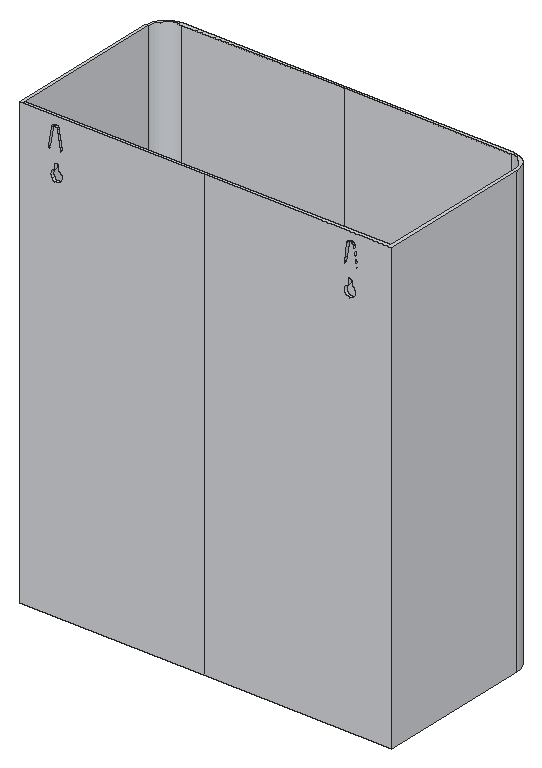
Revit family "AX8925_0019", category Appareils sanitaires, Revit 2016
Family settings
  Hôte = Mur
  Type d'élément = Normal
  Cote de connecteur circulaire = Utiliser le diamètre
  Numéro OmniClass = 23.75.00.00
  Titre OmniClass = Climate Control (HVAC)
  Toujours verticalement = Oui
  Couper avec des vides une fois chargée = Non
  Partagée = Non
  Point de calcul de pièce = Non
Parameters (values of type "Type 1")
  URL = "http://www.axeuro.com/fr/poubelles/17009-poubelle-murale-ax8925.html?search_query=ax8925&results=5"
  Type de produit / Type of product = "Poubelle / Waste receptacle"  # constant formula
  Référence / Reference = "AX8925, AX8925P, AX8925W"  # constant formula
  Model = ""
  Manufacturer = ""
  Entreprise / Company = "Axeuro"  # constant formula
  Description = ""
Reference planes
  plane 1 "Mur": y = 0
  plane 2 "Centre (gauche/droite)": x = 0
  plane 3 "Arrière": y = 75
Forms (mm)
  Extrusion 1, solid
    sketch origin (-179.5, -95, 0) x (1, 0, 0) y (0, 1, 0)
      loop
        line (3.5, 170) -> (179.5, 170) -> (359.5, 170) -> (359.5, 319.853)
        arc (359.5, 319.853) -> (353.599, 334.099) -> (339.353, 340) r 20.147
        line (339.353, 340) -> (179.5, 340) -> (23.647, 340)
        arc (23.647, 340) -> (9.401, 334.099) -> (3.5, 319.853) r 20.147
        line (3.5, 319.853) -> (3.5, 170)
      loop
        line (5.9, 319.853) -> (5.9, 172.4) -> (179.5, 172.4) -> (357.1, 172.4) -> (357.1, 319.853)
        arc (357.1, 319.853) -> (351.902, 332.402) -> (339.353, 337.6) r 17.747
        line (339.353, 337.6) -> (179.5, 337.6) -> (23.647, 337.6)
        arc (23.647, 337.6) -> (11.098, 332.402) -> (5.9, 319.853) r 17.747
    from 360 to 790
  Extrusion 2, void
    sketch origin (-40.375, 0, 9.958) x (1, 0, 0) y (0, 0, 1)
      loop
        arc (-98.316, 733.688) -> (-100.255, 723.071) -> (-102.277, 733.673) r 5.49
        line (-102.277, 733.673) -> (-102.277, 738.673)
        arc (-102.277, 738.673) -> (-100.125, 740.006) -> (-98.214, 738.345) r 2.134
        line (-98.214, 738.345) -> (-98.214, 733.648)
    from -75 to -77.6
  Extrusion 3, solid
    sketch origin (0, 0, 160) x (1, 0, 0) y (0, 1, 0)
      loop
        line (-176, 75) -> (180, 75) -> (180, 224.853)
        arc (180, 224.853) -> (174.099, 239.099) -> (159.853, 245) r 20.147
        line (159.853, 245) -> (-155.853, 245)
        arc (-155.853, 245) -> (-170.099, 239.099) -> (-176, 224.853) r 20.147
        line (-176, 224.853) -> (-176, 75)
    from 200 to 202.363
  Extrusion 4, void
    sketch origin (-37.571, 0, 0) x (1, 0, 0) y (0, 0, 1)
      loop
        arc (-110.599, 762.273) -> (-109.999, 761.023) -> (-108.761, 761.649) r 0.971
        line (-108.761, 761.649) -> (-105.929, 779.052)
        arc (-105.929, 779.052) -> (-104.014, 780.967) -> (-102.099, 779.052) r 1.915
        line (-102.099, 779.052) -> (-99.267, 761.649)
        arc (-99.267, 761.649) -> (-98.029, 761.023) -> (-97.429, 762.273) r 0.971
        line (-97.429, 762.273) -> (-100.012, 779.039)
        arc (-100.012, 779.039) -> (-103.942, 782.968) -> (-107.871, 779.039) r 3.93
        line (-107.871, 779.039) -> (-110.599, 762.273)
    from -77.4 to -75
  Extrusion 5, void
    sketch origin (40.268, 0, 9.958) x (-1, 0, 0) y (0, 0, -1)
      loop
        line (-102.277, -733.673) -> (-102.277, -738.673)
        arc (-102.277, -738.673) -> (-100.297, -740.013) -> (-98.316, -738.673) r 2.134
        line (-98.316, -738.673) -> (-98.316, -733.688)
        arc (-98.316, -733.688) -> (-100.255, -723.071) -> (-102.277, -733.673) r 5.49
    from -75 to -77.6
  Extrusion 6, void
    sketch origin (37.465, 0, 0) x (-1, 0, 0) y (0, 0, -1)
      loop
        line (-110.599, -762.273) -> (-107.871, -779.039)
        arc (-107.871, -779.039) -> (-103.942, -782.968) -> (-100.012, -779.039) r 3.93
        line (-100.012, -779.039) -> (-97.429, -762.273)
        arc (-97.429, -762.273) -> (-98.029, -761.023) -> (-99.267, -761.649) r 0.971
        line (-99.267, -761.649) -> (-102.099, -779.052)
        arc (-102.099, -779.052) -> (-104.014, -780.967) -> (-105.929, -779.052) r 1.915
        line (-105.929, -779.052) -> (-108.761, -761.649)
        arc (-108.761, -761.649) -> (-109.999, -761.023) -> (-110.599, -762.273) r 0.971
    from -77.4 to -75
Cuts and joins
  Extrusion 2, Extrusion 4, Extrusion 5, Extrusion 6 cuts Extrusion 1
  Extrusion 5, Extrusion 6 cuts Extrusion 3
  joined: Extrusion 1, Extrusion 3
Text (mm)
  text "Côté de la mise en place" at (-1820.995, 1116.779, 0), in view "Niveau de réf."
  text "Côté de la mise en place" at (0, 1334.055, 2976.191), in view "Gauche"
  text "Côté de la mise en place" at (0, 439.194, 2944.362), in view "Droite"
Dimensions and locks
  locked: plane 3 "Arrière" to host wall
  aligned and locked: plane 1 "Mur" to host wall
  aligned and locked: cut or joined group of Extrusion 1, Extrusion 2, Extrusion 3, Extrusion 4, Extrusion 5, Extrusion 6 to Extrusion 2
